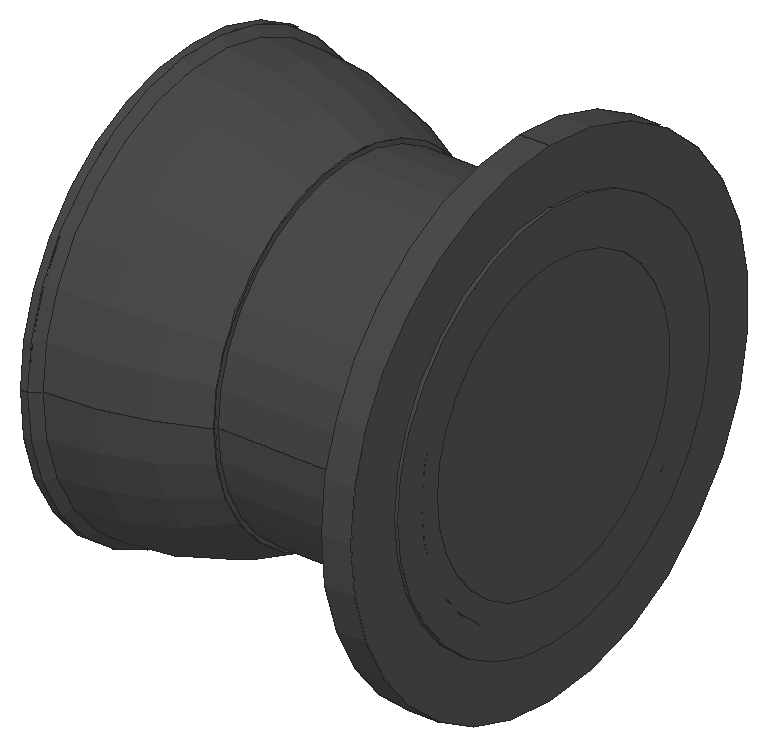
Revit family "Duc_FLA_Extremidades", category Pipe Fittings, Revit 2025
Family settings
  Round Connector Dimension = Use Diameter
  Part Type = Union
  Work Plane-Based = Yes
  Always vertical = No
  Cut with Voids When Loaded = No
  Shared = Yes
Parameters
  Tabela [instance] = "Duc_FLB_Extremidades"
  PN [instance] = "10"
  Nominal Diameter [instance] = 200.0 mm
  Material_Conexao = FoFo
  Manufacturer = "SGC"
  Loss Method = Not Defined
  K Coefficient Table = "Converging/Diverging Tee/Wye"
  EK7 [instance] = size_lookup(Tabela, "EK7", 5.2 mm, Nominal Diameter, PN)  # 5.4 mm
  Description = "Toco com flanges"
  Default Elevation = 0.0 mm
  Corpo_L [instance] = size_lookup(Tabela, "Corpo_L", 130.0 mm, Nominal Diameter, PN)  # 140.0 mm
  Corpo_DE [instance] = size_lookup(Tabela, "Bolsa_DE", 98.0 mm, Nominal Diameter, PN) + EK7  # 227.4 mm
Reference planes
  plane 1 "EixoP": y = 0
  plane 2: z = 0
  plane 3 "EixoS": x = 468.25
  plane 4 "EE": x = 403.25
  plane 5 "ED": x = 543.25
Forms (mm)
  Sweep 1, solid, material "FoFo" <- "Material_Conexao"
    path origin (560, 0, 0) x (1, 0, 0) y (0, 1, 0)
      loop
        line (-156.75, 0) -> (-16.75, 0)
    profile origin (473.25, 0, 0) x (0, 1, 0) y (0, 0, 1)
      loop
        circle (0, 0) r 113.7
Dimensions and locks
  "Corpo_L": plane 4 "EE" to plane 5 "ED"
  "Corpo_DE": diameter of Sweep 1 sketch curve
  aligned and locked: plane 1 "EixoP" to Sweep 1 sketch curve
  aligned and locked: plane 5 "ED" to Sweep 1 sketch curve
  aligned and locked: nested 1 to plane 1 "EixoP"
  aligned and locked: plane 2 to nested 1
  aligned and locked: plane 5 "ED" to nested 1
  aligned and locked: plane 4 "EE" to nested 2
Automatic sketch dimensions
  Sweep 1 sketch curve to plane 4 "EE" = 0.0 mm
  Sweep 1 sketch curve to level = 0.0 mm
  Sweep 1 sketch curve to profile plane = 0.0 mm
Nested families
  nested 1: "Duc_FLA_Flanges" at (543.25, 0, 0) x (0, 0, 1) z (1, 0, 0), Nominal Diameter <- "Nominal Diameter", type "Duc_FLA_Flanges"
    with Tabela "Duc_FLA_Flanges", PN "10", Nominal Diameter 200.0 mm, Flange_Ressalto 3.0 mm, Flange_RF 147.5 mm, Flange_QF "8", Flange_MA 22.50°, Flange_DG 266.0 mm, Flange_DFuro 23.0 mm, Flange_DF 295.0 mm, Flange_D 340.0 mm, Flange_AnguloFuros 45.00°, Flange_Altura 20.0 mm
  nested 2: "Duc_JGS_Bolsas" at (3021.5, 0, 0) x (-1, 0, 0) z (0, 0, 1), Nominal Diameter <- "Nominal Diameter", type "Duc_JGS_Bolsas"
    with Tabela "Duc_JGS_Bolsas", Nominal Radius 100.0 mm, Nominal Diameter 200.0 mm, EK7 5.4 mm, Borde2 10.8 mm, Borde1 5.4 mm, Bolsa_P 106.5 mm, Bolsa_DI 112.5 mm, Bolsa_DE1 116.4 mm, Bolsa_DE 111.0 mm, Bolsa_B 148.0 mm
Connectors
  piping at (403.25, 0, 0), diameter 200, driven by "Nominal Diameter"
    settings: on Sweep 1, index 1, connector inside diameter 609.6 mm, connector length 0.0 mm, flow factor 0, pipe flow 0 L/h, pressure drop 0 Pa, fitting loss kfactor 0, connector angle 0.00°, fixture units 0, engagement length 0.0 mm, angle of deflection 0.00°, flow configuration 0, flow direction 0, fitting loss method 0, system type 28, joint type 0, gender type 0, connector reference index -1, connector utility 0, adjustable connector no, is connector primary yes, connector description ""
  piping at (543.25, 0, 0), diameter 200, driven by "Nominal Diameter"
    settings: on Sweep 1, index 2, connector inside diameter 609.6 mm, connector length 0.0 mm, flow factor 0, pipe flow 0 L/h, pressure drop 0 Pa, fitting loss kfactor 0, connector angle 0.00°, fixture units 0, engagement length 0.0 mm, angle of deflection 0.00°, flow configuration 0, flow direction 0, fitting loss method 0, system type 28, joint type 0, gender type 0, connector reference index -1, connector utility 0, adjustable connector no, is connector primary no, connector description ""
Definition of nested family "Duc_FLA_Flanges"
  Parameters (values of type "Duc_FLA_Flanges")
    Tabela [instance] = "Duc_FLA_Flanges"
    PN [instance] = "10"
    Nominal Diameter [instance] = 100.0 mm
    Material_Conexao = none
    Manufacturer = "SGC"
    Flange_Ressalto [instance] = size_lookup(Tabela, "FRessalto", 3.0 mm, Nominal Diameter, PN)  # 3.0 mm
    Flange_RF [instance] = Flange_DF / 2  # 90.0 mm
    Flange_QF [instance] = size_lookup(Tabela, "QF", "4", Nominal Diameter, PN)  # "8"
    Flange_MA [instance] = size_lookup(Tabela, "MA", 45.00°, Nominal Diameter, PN)  # 22.50°
    Flange_DG [instance] = size_lookup(Tabela, "FG", 99.0 mm, Nominal Diameter, PN)  # 156.0 mm
    Flange_DF [instance] = size_lookup(Tabela, "FC", 125.0 mm, Nominal Diameter, PN)  # 180.0 mm
    Flange_D [instance] = size_lookup(Tabela, "FD", 165.0 mm, Nominal Diameter, PN)  # 220.0 mm
    Flange_AnguloFuros [instance] = size_lookup(Tabela, "AF", 90.00°, Nominal Diameter, PN)  # 45.00°
    Flange_Altura [instance] = size_lookup(Tabela, "FAltura", 19.0 mm, Nominal Diameter, PN)  # 19.0 mm
    Description = "Flange"
    Default Elevation = 0.0 mm
    Flange_DFuro [instance] = size_lookup(Tabela, "DFuro", 19.0 mm, Nominal Diameter, PN)  # 19.0 mm
  Reference planes
    plane 1 "Centro (Frente/Trás)": y = 0
    plane 2: z = 0
    plane 3 "Centro (Esquerda/Direita)": x = 0
    plane 4: z = -3
    plane 5: z = -22
  Forms (mm)
    Extrusion 1, solid, material <- "Material_Conexao"
      sketch origin (0, 0, 0) x (1, 0, 0) y (0, 1, 0)
        loop
          circle (0, 0) r 110
      from -22 to -3
    Extrusion 2, solid, material <- "Material_Conexao"
      sketch origin (0, 0, 0) x (1, 0, 0) y (0, 1, 0)
        loop
          circle (0, 0) r 78
      from 0 to -3
    Extrusion 3, void
      sketch origin (0, 0, 0) x (1, 0, 0) y (0, 1, 0)
        loop
          circle (0, 0) r 50
      from -22 to 0
  Cuts and joins
    Extrusion 3 cuts Extrusion 1
    Extrusion 3 cuts Extrusion 2
    joined: Extrusion 1, Extrusion 2
  Lines and regions (mm)
    model lines
      curve 1: line (-40, 0, 0) -> (40, 0, 0)
      curve 2: line (0, 40, 0) -> (0, -40, 0)
    reference lines
      curve 3: line (0, 0, 0) -> (83.149, 34.442, 0)
  Dimensions and locks
    "Flange_Ressalto": plane 2 to plane 4
    "Flange_Altura": plane 4 to plane 5
    "Flange_RF": curve 3 to curve 3
    "Flange_D": diameter of Extrusion 1 sketch curve
    "Flange_DG": diameter of Extrusion 2 sketch curve
    "Nominal Diameter": diameter of Extrusion 3 sketch curve
    "Flange_MA": angle plane 1 "Centro (Frente/Trás)" to curve 3
    aligned and locked: plane 2 to level
    aligned and locked: Extrusion 1 to plane 5
    aligned and locked: cut or joined group of Extrusion 1, Extrusion 2, Extrusion 3 to plane 4
    aligned and locked: plane 4 to cut or joined group of Extrusion 1, Extrusion 2, Extrusion 3
    aligned and locked: cut or joined group of Extrusion 1, Extrusion 2, Extrusion 3 to Extrusion 3
    aligned and locked: level to Extrusion 3
    aligned and locked: Extrusion 2 to Extrusion 1
    aligned and locked: level to Extrusion 2
    aligned and locked: plane 3 "Centro (Esquerda/Direita)" to curve 3
    aligned and locked: plane 1 "Centro (Frente/Trás)" to curve 3
  Automatic sketch dimensions
    plane 1 "Centro (Frente/Trás)" to curve 1 = 0.0 mm
    curve 1 to plane 3 "Centro (Esquerda/Direita)" = 40.0 mm
    plane 3 "Centro (Esquerda/Direita)" to curve 1 = 40.0 mm
    plane 1 "Centro (Frente/Trás)" to curve 2 = 40.0 mm
    curve 2 to plane 1 "Centro (Frente/Trás)" = 40.0 mm
    curve 2 to plane 3 "Centro (Esquerda/Direita)" = 0.0 mm
    plane 1 "Centro (Frente/Trás)" to Extrusion 1 sketch curve = 0.0 mm
    Extrusion 1 sketch curve to plane 3 "Centro (Esquerda/Direita)" = 0.0 mm
    plane 1 "Centro (Frente/Trás)" to Extrusion 2 sketch curve = 0.0 mm
    Extrusion 2 sketch curve to plane 3 "Centro (Esquerda/Direita)" = 0.0 mm
    plane 1 "Centro (Frente/Trás)" to Extrusion 3 sketch curve = 0.0 mm
    Extrusion 3 sketch curve to plane 3 "Centro (Esquerda/Direita)" = 0.0 mm
Definition of nested family "Duc_JGS_Bolsas"
  Parameters (values of type "Duc_JGS_Bolsas")
    Tabela [instance] = "Duc_JGS_Bolsas"
    Nominal Radius [instance] = Nominal Diameter / 2  # 40.0 mm
    Nominal Diameter [instance] = 80.0 mm
    Manufacturer = "SGC"
    Loss Method = 1
    K Coefficient Table = "Tee"
    EK7 [instance] = size_lookup(Tabela, "EK7", 5.2 mm, Nominal Diameter)  # 5.2 mm
    Description = "Bolsas JGS - JTI - JTE"
    Material_Conexao = none
    Default Elevation = 0.0 mm
    Borde2 [instance] = EK7 * 2  # 10.4 mm
    Borde1 [instance] = EK7  # 5.2 mm
    Bolsa_DE1 [instance] = Bolsa_DE + EK7  # 54.2 mm
    Bolsa_P [instance] = size_lookup(Tabela, "Bolsa_P", 94.5 mm, Nominal Diameter)  # 92.5 mm
    Bolsa_DI [instance] = size_lookup(Tabela, "Bolsa_DI", 60.5 mm, Nominal Diameter) / 2  # 50.5 mm
    Bolsa_DE [instance] = size_lookup(Tabela, "Bolsa_DE", 59.0 mm, Nominal Diameter) / 2  # 49.0 mm
    Bolsa_B [instance] = size_lookup(Tabela, "Bolsa_B", 118.0 mm, Nominal Diameter) / 2  # 84.0 mm
  Reference planes
    plane 1 "Center (Front/Back)": y = 0
    plane 2: z = 0
    plane 3 "Center (Left/Right)": x = 2618.25
    plane 4: x = 2710.75
    plane 5: y = 84
    plane 6: y = 50.5
    plane 7: y = 49
    plane 8: y = 54.2
  Forms (mm)
    Revolve 1, solid, material <- "Material_Conexao"
      sketch origin (0, 0, 0) x (1, 0, 0) y (0, 1, 0)
        loop
          line (2618.25, 50.5) -> (2705.55, 50.5) -> (2710.75, 55.7) -> (2710.75, 84) -> (2705.55, 84) -> (2700.35, 78.8)
          arc (2700.35, 78.8) -> (2657.555, 72.323) -> (2618.25, 54.2) r 154.08
          line (2618.25, 54.2) -> (2617.25, 54.2) -> (2617.25, 49) -> (2618.25, 49) -> (2618.25, 50.5)
        axis (2617.25, 0) -> (2710.75, 0)
      angle from 0 to 360
  Lines and regions (mm)
    model lines
      curve 1: line (2618.25, 0, 200.5) -> (2618.25, 0, -200.5)
      curve 3: line (2618.25, 0, 0) -> (2710.75, 0, 0)
    reference lines
      curve 2: line (2618.25, 0, 0) -> (2710.75, 0, 0)
  Dimensions and locks
    "Borde1": Revolve 1 sketch curve to Revolve 1 sketch curve  (x4)
    "Borde2": Revolve 1 sketch curve to Revolve 1 sketch curve
    "Borde1": Revolve 1 sketch curve to plane 8
    "Bolsa_B": plane 5 to plane 1 "Center (Front/Back)"
    "Bolsa_DI": plane 6 to plane 1 "Center (Front/Back)"
    "Bolsa_DE": plane 7 to plane 1 "Center (Front/Back)"
    "Bolsa_DE1": plane 8 to plane 1 "Center (Front/Back)"
    "Bolsa_P": plane 3 "Center (Left/Right)" to plane 4
    locked: Revolve 1 sketch curve to Revolve 1 sketch curve at 1
    aligned and locked: plane 5 to Revolve 1 sketch curve
    aligned and locked: Revolve 1 sketch curve to plane 6
    aligned and locked: Revolve 1 sketch curve to plane 3 "Center (Left/Right)"
    aligned and locked: plane 1 "Center (Front/Back)" to curve 2
    aligned and locked: curve 2 to plane 3 "Center (Left/Right)"
    aligned and locked: plane 4 to curve 2
    aligned and locked: curve 3 to curve 2
  Automatic sketch dimensions
    curve 1 to plane 1 "Center (Front/Back)" = 0.0 mm
    curve 1 to level = 200.5 mm
    level to curve 1 = 200.5 mm
    curve 3 to plane 3 "Center (Left/Right)" = 0.0 mm
    curve 3 to plane 4 = 0.0 mm
    Revolve 1 sketch curve to plane 1 "Center (Front/Back)" = 0.0 mm
    Revolve 1 sketch curve to plane 3 "Center (Left/Right)" = 0.0 mm  (x2)
    Revolve 1 sketch curve to plane 4 = 0.0 mm
    Revolve 1 sketch curve to plane 8 = 0.0 mm
    Revolve 1 sketch curve to plane 4 = 8.97 mm
    plane 4 to Revolve 1 sketch curve = 1.322 mm
